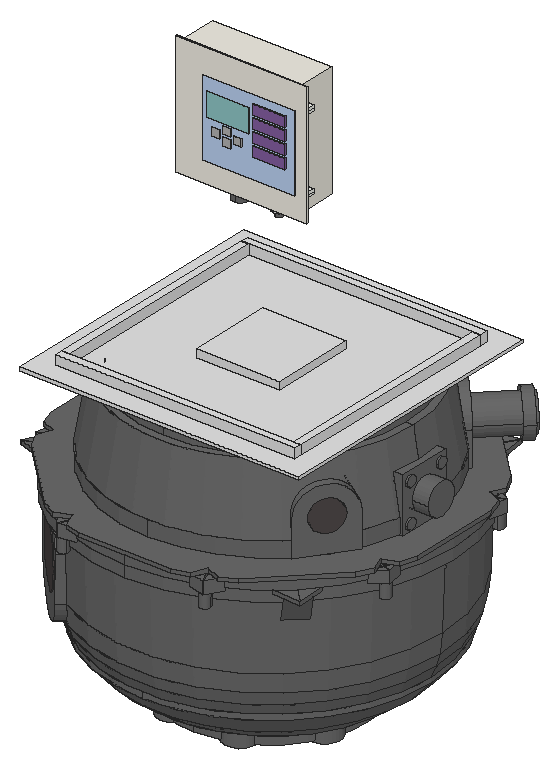
Revit family "281250x (200)", category Generic Models, Revit 2021 (continued)
Definition of nested family "281250x (200)_part2_X0Y0"
  Definition of nested family "281250x (200)_part2_content"
    Forms (mm)
      Extrusion 16, solid, detail levels medium+fine
        sketch origin (-190, -190, 461) x (0, 1, 0) y (0, 0, 1)
          loop
            line (0, 7.5) -> (0, 0) -> (380, 0) -> (380, 7.5) -> (0, 7.5)
        from 0 to 380
      Extrusion 17, solid, detail levels medium+fine
        sketch origin (0, 0, 461) x (0, 1, 0) y (-1, 0, 0)
          loop
            circle (0, 0) r 208.5
        from 0 to 7.5
      Extrusion 18, solid, detail levels medium+fine
        sketch origin (-222, -222, 468.5) x (0, 1, 0) y (0, 0, 1)
          loop
            line (0, 5) -> (0, 0) -> (444, 0) -> (444, 5) -> (0, 5)
        from 0 to 444
      Extrusion 19, solid, detail levels medium+fine
        sketch origin (-66, -66, 473.5) x (0, 1, 0) y (0, 0, 1)
          loop
            line (0, 12) -> (0, 0) -> (132, 0) -> (132, 12) -> (0, 12)
        from 0 to 132
      Extrusion 20, solid, detail levels medium+fine
        sketch origin (0, 60, 320) x (0, -1, 0) y (0, 0, 1)
          loop
            line (0, 50) -> (0, 0) -> (120, 0) -> (120, 50) -> (0, 50)
        from 0 to 245.5
      Extrusion 21, solid, detail levels medium+fine
        sketch origin (0, 0, 370) x (0, -1, 0) y (0, 0, 1)
          loop
            circle (0, 0) r 60
        from 0 to 245.5
      Extrusion 22, solid, detail levels medium+fine
        sketch origin (-244, 0, 370) x (0, -1, 0) y (0, 0, 1)
          loop
            circle (0, 0) r 35.1
        from 0 to 1.75
      Extrusion 23, solid, detail levels medium+fine
        sketch origin (31.82, -31.82, 320) x (-0.707107, 0.707107, 0) y (0, 0, 1)
          loop
            line (0, 55.25) -> (0, 0) -> (90, 0) -> (90, 55.25) -> (0, 55.25)
        from 0 to 245.5
      Extrusion 24, solid, detail levels medium+fine
        sketch origin (0, 0, 375.25) x (-0.707107, 0.707107, 0) y (0, 0, 1)
          loop
            circle (0, 0) r 45
        from 0 to 245.5
      Extrusion 25, solid, detail levels medium+fine
        sketch origin (0, 0, 370) x (-0.707107, 0.707107, 0) y (0, 0, 1)
          loop
            circle (0, 0) r 27.7
        from 0 to 311.36
      Extrusion 26, solid, detail levels medium+fine
        sketch origin (0, 27.5, 332.75) x (0, 1, 0) y (0, 0, 1)
          loop
            circle (0, 0) r 8
        from 0 to 250
      Extrusion 27, solid, detail levels medium+fine
        sketch origin (0, -46.25, 320) x (0, 1, 0) y (0, 0, 1)
          loop
            line (0, 86.5) -> (0, 0) -> (86.5, 0) -> (86.5, 86.5) -> (0, 86.5)
        from 0 to 245.5
      Extrusion 28, solid, detail levels medium+fine
        sketch origin (0, -3, 363.25) x (0, 1, 0) y (0, 0, 1)
          loop
            circle (0, 0) r 24.75
        from 0 to 272.5
      Extrusion 29, solid, detail levels medium+fine
        sketch origin (0, 27.5, 393.75) x (0, 1, 0) y (0, 0, 1)
          loop
            circle (0, 0) r 8
        from 0 to 250
      Extrusion 30, solid, detail levels medium+fine
        sketch origin (0, -33.5, 332.75) x (0, 1, 0) y (0, 0, 1)
          loop
            circle (0, 0) r 8
        from 0 to 250
      Extrusion 31, solid, detail levels medium+fine
        sketch origin (0, -33.5, 393.75) x (0, 1, 0) y (0, 0, 1)
          loop
            circle (0, 0) r 8
        from 0 to 250
      Extrusion 32, solid, detail levels medium+fine
        sketch origin (-25.811, -36.862, 320) x (0.573577, 0.819152, 0) y (0, 0, 1)
          loop
            line (0, 55.25) -> (0, 0) -> (90, 0) -> (90, 55.25)
            arc (90, 55.25) -> (45, 100.25) -> (0, 55.25) r 45
        from 0 to 245.5
      Extrusion 33, solid, detail levels medium+fine
        sketch origin (199.873, -139.953, 375.25) x (0.573577, 0.819152, 0) y (0, 0, 1)
          loop
            circle (0, 0) r 25
        from 0 to 1.75
      Extrusion 34, solid, detail levels medium+fine
        sketch origin (-53.002, 127.957, 0) x (-0.92388, -0.382683, 0) y (0.382683, -0.92388, 0)
          loop
            circle (0, 0) r 25
        from 0 to 28.5
      Extrusion 35, solid, detail levels medium+fine
        sketch origin (-127.957, -53.002, 0) x (0.382683, -0.92388, 0) y (0.92388, 0.382683, 0)
          loop
            circle (0, 0) r 25
        from 0 to 28.5
      Extrusion 36, solid, detail levels medium+fine
        sketch origin (53.002, -127.957, 0) x (0.92388, 0.382683, 0) y (-0.382683, 0.92388, 0)
          loop
            circle (0, 0) r 25
        from 0 to 28.5
      Extrusion 37, solid, detail levels medium+fine
        sketch origin (53.002, 127.957, 0) x (-0.923879, 0.382684, 0) y (-0.382684, -0.923879, 0)
          loop
            circle (0, 0) r 25
        from 0 to 28.5
      Extrusion 38, solid, detail levels medium+fine
        sketch origin (-127.957, 53.002, 0) x (-0.382684, -0.923879, 0) y (0.923879, -0.382684, 0)
          loop
            circle (0, 0) r 25
        from 0 to 28.5
      Extrusion 39, solid, detail levels medium+fine
        sketch origin (-53.002, -127.957, 0) x (0.923879, -0.382684, 0) y (0.382684, 0.923879, 0)
          loop
            circle (0, 0) r 25
        from 0 to 28.5
      Extrusion 40, solid, detail levels medium+fine
        sketch origin (127.957, -53.002, 0) x (0.382684, 0.923879, 0) y (-0.923879, 0.382684, 0)
          loop
            circle (0, 0) r 25
        from 0 to 28.5
      Extrusion 41, solid, detail levels medium+fine
        sketch origin (127.957, 53.002, 0) x (-0.382683, 0.92388, 0) y (-0.92388, -0.382683, 0)
          loop
            circle (0, 0) r 25
        from 0 to 28.5
      Extrusion 42, solid, detail levels medium+fine
        sketch origin (0, 0, 209) x (0, -1, 0) y (0, 0, 1)
          loop
            line (-72.693, 35.337) -> (-68.918, -37.767)
            arc (-68.918, -37.767) -> (-63.198, -56.139) -> (-50.593, -70.678) r 46.983
            line (-50.593, -70.678) -> (-49.193, -71.697)
            arc (-49.193, -71.697) -> (-25.794, -83.147) -> (0, -86.788) r 83.079
            arc (0, -86.788) -> (25.794, -83.147) -> (49.193, -71.697) r 83.079
            line (49.193, -71.697) -> (50.593, -70.678)
            arc (50.593, -70.678) -> (63.198, -56.139) -> (68.918, -37.767) r 46.983
            line (68.918, -37.767) -> (72.693, 35.337)
            arc (72.693, 35.337) -> (71.616, 38.805) -> (69.783, 41.939) r 15.989
            arc (69.783, 41.939) -> (60.032, 51.336) -> (48.652, 58.679) r 69.984
            line (48.652, 58.679) -> (47.252, 59.417)
            arc (47.252, 59.417) -> (24.369, 68.322) -> (0, 71.344) r 99.373
            arc (0, 71.344) -> (-24.369, 68.322) -> (-47.252, 59.417) r 99.373
            line (-47.252, 59.417) -> (-48.652, 58.679)
            arc (-48.652, 58.679) -> (-60.032, 51.336) -> (-69.783, 41.939) r 69.984
            arc (-69.783, 41.939) -> (-71.616, 38.805) -> (-72.693, 35.337) r 15.989
        from 0 to 277.5
      Extrusion 43, solid, detail levels medium+fine
        sketch origin (0, 0, 209) x (0, -1, 0) y (0, 0, 1)
          loop
            circle (0, 0) r 55
        from 0 to 326
      Extrusion 44, solid, detail levels medium+fine
        sketch origin (0, 0, 209) x (0.707107, -0.707107, 0) y (0, 0, 1)
          loop
            line (-72.693, 35.337) -> (-68.918, -37.767)
            arc (-68.918, -37.767) -> (-63.198, -56.139) -> (-50.593, -70.678) r 46.983
            line (-50.593, -70.678) -> (-49.193, -71.697)
            arc (-49.193, -71.697) -> (-25.794, -83.147) -> (0, -86.788) r 83.079
            arc (0, -86.788) -> (25.794, -83.147) -> (49.193, -71.697) r 83.079
            line (49.193, -71.697) -> (50.593, -70.678)
            arc (50.593, -70.678) -> (63.198, -56.139) -> (68.918, -37.767) r 46.983
            line (68.918, -37.767) -> (72.693, 35.337)
            arc (72.693, 35.337) -> (71.616, 38.805) -> (69.783, 41.939) r 15.989
            arc (69.783, 41.939) -> (60.032, 51.336) -> (48.652, 58.679) r 69.984
            line (48.652, 58.679) -> (47.252, 59.417)
            arc (47.252, 59.417) -> (24.369, 68.322) -> (0, 71.344) r 99.373
            arc (0, 71.344) -> (-24.369, 68.322) -> (-47.252, 59.417) r 99.373
            line (-47.252, 59.417) -> (-48.652, 58.679)
            arc (-48.652, 58.679) -> (-60.032, 51.336) -> (-69.783, 41.939) r 69.984
            arc (-69.783, 41.939) -> (-71.616, 38.805) -> (-72.693, 35.337) r 15.989
        from 0 to 277.5
      Extrusion 45, solid, detail levels medium+fine
        sketch origin (0, 0, 209) x (-0.707107, -0.707107, 0) y (0, 0, 1)
          loop
            line (-72.693, 35.337) -> (-68.918, -37.767)
            arc (-68.918, -37.767) -> (-63.198, -56.139) -> (-50.593, -70.678) r 46.983
            line (-50.593, -70.678) -> (-49.193, -71.697)
            arc (-49.193, -71.697) -> (-25.794, -83.147) -> (0, -86.788) r 83.079
            arc (0, -86.788) -> (25.794, -83.147) -> (49.193, -71.697) r 83.079
            line (49.193, -71.697) -> (50.593, -70.678)
            arc (50.593, -70.678) -> (63.198, -56.139) -> (68.918, -37.767) r 46.983
            line (68.918, -37.767) -> (72.693, 35.337)
            arc (72.693, 35.337) -> (71.616, 38.805) -> (69.783, 41.939) r 15.989
            arc (69.783, 41.939) -> (60.032, 51.336) -> (48.652, 58.679) r 69.984
            line (48.652, 58.679) -> (47.252, 59.417)
            arc (47.252, 59.417) -> (24.369, 68.322) -> (0, 71.344) r 99.373
            arc (0, 71.344) -> (-24.369, 68.322) -> (-47.252, 59.417) r 99.373
            line (-47.252, 59.417) -> (-48.652, 58.679)
            arc (-48.652, 58.679) -> (-60.032, 51.336) -> (-69.783, 41.939) r 69.984
            arc (-69.783, 41.939) -> (-71.616, 38.805) -> (-72.693, 35.337) r 15.989
        from 0 to 277.5
      Extrusion 46, solid, detail levels medium+fine
        sketch origin (-195.161, -195.161, 209) x (0.707107, -0.707107, 0) y (0, 0, 1)
          loop
            circle (0, 0) r 50.1
        from 0 to 1.75
      Extrusion 47, solid, detail levels medium+fine
        sketch origin (-195.162, 195.162, 209) x (-0.707107, -0.707107, 0) y (0, 0, 1)
          loop
            circle (0, 0) r 50.1
        from 0 to 1.75
      Extrusion 48, solid, detail levels medium+fine
        sketch origin (220.165, 220.165, 370) x (-0.707107, 0.707107, 0) y (0, 0, 1)
          loop
            circle (0, 0) r 34.75
        from 0 to 15.7
      Extrusion 49, solid, detail levels medium+fine
        sketch origin (230.559, 230.559, 370) x (-0.707107, 0.707107, 0) y (0, 0, 1)
          loop
            circle (0, 0) r 27.7
        from 0 to 4.8
      Extrusion 50, solid, detail levels medium+fine
        sketch origin (232.893, 232.893, 370) x (-0.707107, 0.707107, 0) y (0, 0, 1)
          loop
            circle (0, 0) r 20
        from 0 to 1.7
      Extrusion 51, solid, detail levels medium+fine
        sketch origin (240.105, 225.963, 364) x (-0.707107, 0.707107, 0) y (0, 0, 1)
          loop
            circle (0, 0) r 4.2
        from 0 to 1.8
      Extrusion 52, solid, detail levels medium+fine
        sketch origin (240.105, 225.963, 376) x (-0.707107, 0.707107, 0) y (0, 0, 1)
          loop
            circle (0, 0) r 4.2
        from 0 to 1.8
      Extrusion 53, solid, detail levels medium+fine
        sketch origin (225.963, 240.105, 376) x (-0.707107, 0.707107, 0) y (0, 0, 1)
          loop
            circle (0, 0) r 4.2
        from 0 to 1.8
      Extrusion 54, solid, detail levels medium+fine
        sketch origin (225.963, 240.105, 364) x (-0.707107, 0.707107, 0) y (0, 0, 1)
          loop
            circle (0, 0) r 4.2
        from 0 to 1.8
      Extrusion 55, solid, detail levels medium+fine
        sketch origin (-259.107, -87.843, 294.5) x (-0.92388, -0.382683, 0) y (0, 0, -1)
          loop
            line (0, 48.5) -> (0, 0) -> (29.9, 0) -> (0, 48.5)
        from 0 to 36
      Extrusion 56, solid, detail levels medium+fine
        sketch origin (-272.082, -112.7, 273) x (0.382683, -0.92388, 0) y (0.92388, 0.382683, 0)
          loop
            circle (0, 0) r 7.75
        from 0 to 21.5
      Extrusion 57, solid, detail levels medium+fine
        sketch origin (-265.153, -109.83, 300) x (-0.92388, -0.382683, 0) y (-0.382683, 0.92388, 0)
          loop
            line (36.5, 0) -> (0, 0) -> (0, -32) -> (36.5, 0)
        from 0 to 5.5
      Extrusion 58, solid, detail levels medium+fine
        sketch origin (-265.153, -109.83, 314) x (-0.92388, -0.382683, 0) y (-0.382683, 0.92388, 0)
          loop
            line (17, 0) -> (0, 0) -> (0, -25) -> (17, 0)
        from 0 to 14
      Extrusion 59, solid, detail levels medium+fine
        sketch origin (-265.153, -109.83, 294.5) x (-0.382683, 0.92388, 0) y (-0.92388, -0.382683, 0)
          loop
            line (0, 36.5) -> (0, 0) -> (32, 0) -> (0, 36.5)
        from 0 to 5.5
      Extrusion 60, solid, detail levels medium+fine
        sketch origin (-265.153, -109.83, 300) x (-0.382683, 0.92388, 0) y (-0.92388, -0.382683, 0)
          loop
            line (0, 17) -> (0, 0) -> (25, 0) -> (0, 17)
        from 0 to 14
      Extrusion 61, solid, detail levels medium+fine
        sketch origin (-245.331, 121.102, 294.5) x (-0.923879, 0.382684, 0) y (0, 0, -1)
          loop
            line (0, 48.5) -> (0, 0) -> (29.9, 0) -> (0, 48.5)
        from 0 to 36
      Extrusion 62, solid, detail levels medium+fine
        sketch origin (-272.082, 112.7, 273) x (-0.382684, -0.923879, 0) y (0.923879, -0.382684, 0)
          loop
            circle (0, 0) r 7.75
        from 0 to 21.5
      Extrusion 63, solid, detail levels medium+fine
        sketch origin (-265.153, 109.83, 300) x (-0.923879, 0.382684, 0) y (0.382684, 0.923879, 0)
          loop
            line (36.5, 0) -> (0, 0) -> (0, -32) -> (36.5, 0)
        from 0 to 5.5
      Extrusion 64, solid, detail levels medium+fine
        sketch origin (-265.153, 109.83, 314) x (-0.923879, 0.382684, 0) y (0.382684, 0.923879, 0)
          loop
            line (17, 0) -> (0, 0) -> (0, -25) -> (17, 0)
        from 0 to 14
      Extrusion 65, solid, detail levels medium+fine
        sketch origin (-265.153, 109.83, 294.5) x (0.382684, 0.923879, 0) y (-0.923879, 0.382684, 0)
          loop
            line (0, 36.5) -> (0, 0) -> (32, 0) -> (0, 36.5)
        from 0 to 5.5
      Extrusion 66, solid, detail levels medium+fine
        sketch origin (-265.153, 109.83, 300) x (0.382684, 0.923879, 0) y (-0.923879, 0.382684, 0)
          loop
            line (0, 17) -> (0, 0) -> (25, 0) -> (0, 17)
        from 0 to 14
      Extrusion 67, solid, detail levels medium+fine
        sketch origin (-190, 178, 473.5) x (0, 1, 0) y (0, 0, 1)
          loop
            line (0, 15) -> (0, 0) -> (12, 0) -> (12, 15) -> (0, 15)
        from 0 to 380
      Extrusion 68, solid, detail levels medium+fine
        sketch origin (-190, -190, 473.5) x (0, 1, 0) y (0, 0, 1)
          loop
            line (0, 15) -> (0, 0) -> (12, 0) -> (12, 15) -> (0, 15)
        from 0 to 380
      Extrusion 69, solid, detail levels medium+fine
        sketch origin (-190, -178, 473.5) x (0, 1, 0) y (0, 0, 1)
          loop
            line (0, 15) -> (0, 0) -> (356, 0) -> (356, 15) -> (0, 15)
        from 0 to 12
      Extrusion 70, solid, detail levels medium+fine
        sketch origin (178, -178, 473.5) x (0, 1, 0) y (0, 0, 1)
          loop
            line (0, 15) -> (0, 0) -> (356, 0) -> (356, 15) -> (0, 15)
        from 0 to 12
      Extrusion 71, solid, detail levels medium+fine
        sketch origin (180.312, -205.768, 294.5) x (0.707106, -0.707107, 0) y (0, 0, -1)
          loop
            line (0, 48.5) -> (0, 0) -> (29.9, 0) -> (0, 48.5)
        from 0 to 36
      Extrusion 72, solid, detail levels medium+fine
        sketch origin (202.939, -202.939, 300) x (0.707106, -0.707107, 0) y (-0.707107, -0.707106, 0)
          loop
            line (36.5, 0) -> (0, 0) -> (0, -32) -> (36.5, 0)
        from 0 to 5.5
      Extrusion 73, solid, detail levels medium+fine
        sketch origin (202.939, -202.939, 294.5) x (-0.707107, -0.707106, 0) y (0.707106, -0.707107, 0)
          loop
            line (0, 36.5) -> (0, 0) -> (32, 0) -> (0, 36.5)
        from 0 to 5.5
      Extrusion 74, solid, detail levels medium+fine
        sketch origin (171.331, 213.304, 294.5) x (0.573577, 0.819151, 0) y (0, 0, -1)
          loop
            line (0, 48.5) -> (0, 0) -> (29.9, 0) -> (0, 48.5)
        from 0 to 36
      Extrusion 75, solid, detail levels medium+fine
        sketch origin (164.616, 235.097, 294.5) x (0.819151, -0.573577, 0) y (0.573577, 0.819151, 0)
          loop
            line (0, 36.5) -> (0, 0) -> (32, 0) -> (0, 36.5)
        from 0 to 5.5
      Extrusion 76, solid, detail levels medium+fine
        sketch origin (164.616, 235.097, 300) x (0.573577, 0.819151, 0) y (0.819151, -0.573577, 0)
          loop
            line (36.5, 0) -> (0, 0) -> (0, -32) -> (36.5, 0)
        from 0 to 5.5
      Extrusion 77, solid, detail levels medium+fine
        sketch origin (109.83, 265.153, 294.5) x (0.923879, -0.382684, 0) y (0.382684, 0.923879, 0)
          loop
            line (0, 17) -> (0, 0) -> (25, 0) -> (0, 17)
        from 0 to 19.5
      Extrusion 78, solid, detail levels medium+fine
        sketch origin (112.7, 272.082, 273) x (-0.923879, 0.382684, 0) y (-0.382684, -0.923879, 0)
          loop
            circle (0, 0) r 7.75
        from 0 to 21.5
      Extrusion 79, solid, detail levels medium+fine
        sketch origin (109.83, 265.153, 314) x (0.382684, 0.923879, 0) y (0.923879, -0.382684, 0)
          loop
            line (17, 0) -> (0, 0) -> (0, -25) -> (17, 0)
        from 0 to 19.5
      Extrusion 80, solid, detail levels medium+fine
        sketch origin (272.082, 112.7, 273) x (-0.382683, 0.92388, 0) y (-0.92388, -0.382683, 0)
          loop
            circle (0, 0) r 7.75
        from 0 to 21.5
      Extrusion 81, solid, detail levels medium+fine
        sketch origin (265.153, 109.83, 314) x (0.92388, 0.382683, 0) y (0.382683, -0.92388, 0)
          loop
            line (17, 0) -> (0, 0) -> (0, -25) -> (17, 0)
        from 0 to 19.5
      Extrusion 82, solid, detail levels medium+fine
        sketch origin (265.153, 109.83, 294.5) x (0.382683, -0.92388, 0) y (0.92388, 0.382683, 0)
          loop
            line (0, 17) -> (0, 0) -> (25, 0) -> (0, 17)
        from 0 to 19.5
      Extrusion 83, solid, detail levels medium+fine
        sketch origin (-112.7, 272.082, 273) x (-0.92388, -0.382683, 0) y (0.382683, -0.92388, 0)
          loop
            circle (0, 0) r 7.75
        from 0 to 21.5
      Extrusion 84, solid, detail levels medium+fine
        sketch origin (-109.83, 265.153, 314) x (-0.382683, 0.92388, 0) y (0.92388, 0.382683, 0)
          loop
            line (17, 0) -> (0, 0) -> (0, -25) -> (17, 0)
        from 0 to 19.5
      Extrusion 85, solid, detail levels medium+fine
        sketch origin (-109.83, 265.153, 294.5) x (0.92388, 0.382683, 0) y (-0.382683, 0.92388, 0)
          loop
            line (0, 17) -> (0, 0) -> (25, 0) -> (0, 17)
        from 0 to 19.5
      Extrusion 86, solid, detail levels medium+fine
        sketch origin (272.082, -112.7, 273) x (0.382684, 0.923879, 0) y (-0.923879, 0.382684, 0)
          loop
            circle (0, 0) r 7.75
        from 0 to 21.5
      Extrusion 87, solid, detail levels medium+fine
        sketch origin (265.153, -109.83, 294.5) x (-0.382684, -0.923879, 0) y (0.923879, -0.382684, 0)
          loop
            line (0, 17) -> (0, 0) -> (25, 0) -> (0, 17)
        from 0 to 19.5
      Extrusion 88, solid, detail levels medium+fine
        sketch origin (265.153, -109.83, 314) x (0.923879, -0.382684, 0) y (-0.382684, -0.923879, 0)
          loop
            line (17, 0) -> (0, 0) -> (0, -25) -> (17, 0)
        from 0 to 19.5
      Extrusion 89, solid, detail levels medium+fine
        sketch origin (112.7, -272.082, 273) x (0.92388, 0.382683, 0) y (-0.382683, 0.92388, 0)
          loop
            circle (0, 0) r 7.75
        from 0 to 21.5
      Extrusion 90, solid, detail levels medium+fine
        sketch origin (109.83, -265.153, 314) x (0.382683, -0.92388, 0) y (-0.92388, -0.382683, 0)
          loop
            line (17, 0) -> (0, 0) -> (0, -25) -> (17, 0)
        from 0 to 19.5
      Extrusion 91, solid, detail levels medium+fine
        sketch origin (109.83, -265.153, 294.5) x (-0.92388, -0.382683, 0) y (0.382683, -0.92388, 0)
          loop
            line (0, 17) -> (0, 0) -> (25, 0) -> (0, 17)
        from 0 to 19.5
      Extrusion 92, solid, detail levels medium+fine
        sketch origin (-112.7, -272.082, 273) x (0.923879, -0.382684, 0) y (0.382684, 0.923879, 0)
          loop
            circle (0, 0) r 7.75
        from 0 to 21.5
      Extrusion 93, solid, detail levels medium+fine
        sketch origin (-109.83, -265.153, 294.5) x (-0.923879, 0.382684, 0) y (-0.382684, -0.923879, 0)
          loop
            line (0, 17) -> (0, 0) -> (25, 0) -> (0, 17)
        from 0 to 19.5
      Extrusion 94, solid, detail levels medium+fine
        sketch origin (-109.83, -265.153, 314) x (-0.382684, -0.923879, 0) y (-0.923879, 0.382684, 0)
          loop
            line (17, 0) -> (0, 0) -> (0, -25) -> (17, 0)
        from 0 to 19.5
      Extrusion 95, solid, detail levels coarse
        sketch origin (-17.478, 0, 0) x (1, 0, 0) y (0, 1, 0)
          loop
            line (-308.522, -291.044) -> (308.522, -291.044) -> (308.522, 291.044) -> (-308.522, 291.044) -> (-308.522, -291.044)
        from 0 to 488.5
    Dimensions and locks
      aligned and locked: level to plane 2
